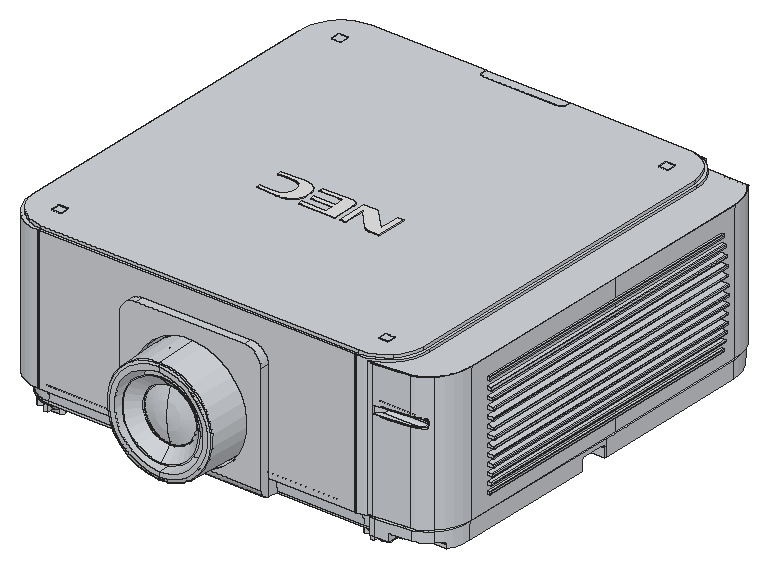
Revit family "PX602UL", category Generic Models, Revit 2012 (continued)
Forms (in)
  Extrusion 32, void
    sketch origin (0, 0, 0) x (0, 1, 0) y (0, 0, 1)
      loop
        arc (15.04456, 5.4467) -> (15.06038, 5.45325) -> (15.06693, 5.46907) r 0.02237
        line (15.06693, 5.46907) -> (15.06693, 5.57034)
      loop
        arc (13.88583, 5.57092) -> (13.87954, 5.58609) -> (13.86438, 5.59237) r 0.02145
        line (13.86438, 5.59237) -> (12.80478, 5.59237)
        arc (12.80478, 5.59237) -> (12.78971, 5.58613) -> (12.78346, 5.57105) r 0.02131
        line (12.78346, 5.57105) -> (12.78346, 5.46722)
        arc (12.78346, 5.46722) -> (12.78947, 5.45271) -> (12.80398, 5.4467) r 0.02052
        line (12.80398, 5.4467) -> (13.86296, 5.4467)
        arc (13.86296, 5.4467) -> (13.87913, 5.4534) -> (13.88583, 5.46956) r 0.02286
        line (13.88583, 5.46956) -> (13.88583, 5.57092)
      loop
        arc (12.70472, 5.57093) -> (12.69844, 5.58609) -> (12.68328, 5.59237) r 0.02144
        line (12.68328, 5.59237) -> (11.58151, 5.59237)
        arc (11.58151, 5.59237) -> (11.56548, 5.58573) -> (11.55884, 5.5697) r 0.02267
        line (11.55884, 5.5697) -> (11.55884, 5.46575)
        arc (11.55884, 5.46575) -> (11.56604, 5.44843) -> (11.5834, 5.44131) r 0.02444
        line (11.5834, 5.44131) -> (12.68301, 5.44669)
        arc (12.68301, 5.44669) -> (12.69837, 5.45312) -> (12.70472, 5.4685) r 0.02182
        line (12.70472, 5.4685) -> (12.70472, 5.57093)
      loop
        line (11.48841, 5.47204) -> (11.48841, 5.57526)
        arc (11.48841, 5.57526) -> (11.48187, 5.59103) -> (11.46609, 5.59756) r 0.02231
        line (11.46609, 5.59756) -> (10.41449, 5.59743)
        arc (10.41449, 5.59743) -> (10.39144, 5.58788) -> (10.38189, 5.56482) r 0.03261
        line (10.38189, 5.56482) -> (10.38189, 5.46919)
        arc (10.38189, 5.46919) -> (10.38848, 5.45329) -> (10.40438, 5.4467) r 0.02249
        line (10.40438, 5.4467) -> (11.46307, 5.4467)
        arc (11.46307, 5.4467) -> (11.48098, 5.45412) -> (11.48841, 5.47204) r 0.02534
      loop
        arc (10.30315, 5.57105) -> (10.2969, 5.58612) -> (10.28183, 5.59237) r 0.02132
        line (10.28183, 5.59237) -> (9.22339, 5.59237)
        arc (9.22339, 5.59237) -> (9.20741, 5.58575) -> (9.20079, 5.56976) r 0.0226
        line (9.20079, 5.56976) -> (9.20079, 5.46816)
        arc (9.20079, 5.46816) -> (9.20707, 5.45299) -> (9.22225, 5.4467) r 0.02146
        line (9.22225, 5.4467) -> (10.28178, 5.4467)
        arc (10.28178, 5.4467) -> (10.29689, 5.45296) -> (10.30315, 5.46807) r 0.02137
        line (10.30315, 5.46807) -> (10.30315, 5.57105)
      loop
        arc (9.12205, 5.57122) -> (9.11585, 5.58617) -> (9.1009, 5.59237) r 0.02115
        line (9.1009, 5.59237) -> (8.04105, 5.59237)
        arc (8.04105, 5.59237) -> (8.02594, 5.58611) -> (8.01969, 5.571) r 0.02137
        line (8.01969, 5.571) -> (8.01969, 5.4677)
        arc (8.01969, 5.4677) -> (8.02584, 5.45285) -> (8.04069, 5.4467) r 0.021
        line (8.04069, 5.4467) -> (9.09901, 5.4467)
        arc (9.09901, 5.4467) -> (9.1153, 5.45345) -> (9.12205, 5.46974) r 0.02304
        line (9.12205, 5.46974) -> (9.12205, 5.57122)
      loop
        arc (7.94094, 5.57114) -> (7.93473, 5.58615) -> (7.91971, 5.59237) r 0.02123
        line (7.91971, 5.59237) -> (6.81961, 5.59237)
        arc (6.81961, 5.59237) -> (6.80519, 5.58639) -> (6.79921, 5.57197) r 0.0204
        line (6.79921, 5.57197) -> (6.79921, 5.46914)
        arc (6.79921, 5.46914) -> (6.80578, 5.45327) -> (6.82165, 5.4467) r 0.02244
        line (6.82165, 5.4467) -> (7.92041, 5.4467)
        arc (7.92041, 5.4467) -> (7.93493, 5.45271) -> (7.94094, 5.46723) r 0.02053
        line (7.94094, 5.46723) -> (7.94094, 5.57114)
      loop
        line (16.24803, 5.69396) -> (16.24803, 5.78787)
        arc (16.24803, 5.78787) -> (16.24035, 5.80643) -> (16.22179, 5.81411) r 0.02624
        line (16.22179, 5.81411) -> (15.16716, 5.81411)
        arc (15.16716, 5.81411) -> (15.15196, 5.80782) -> (15.14567, 5.79262) r 0.02149
        line (15.14567, 5.79262) -> (15.14567, 5.69152)
        arc (15.14567, 5.69152) -> (15.15243, 5.6752) -> (15.16874, 5.66844) r 0.02307
        line (15.16874, 5.66844) -> (16.22251, 5.66844)
        arc (16.22251, 5.66844) -> (16.24056, 5.67592) -> (16.24803, 5.69396) r 0.02552
      loop
        arc (15.06693, 5.79208) -> (15.06048, 5.80766) -> (15.0449, 5.81411) r 0.02203
        line (15.0449, 5.81411) -> (13.98681, 5.81411)
        arc (13.98681, 5.81411) -> (13.97108, 5.8076) -> (13.96457, 5.79187) r 0.02225
        line (13.96457, 5.79187) -> (13.96457, 5.69005)
        arc (13.96457, 5.69005) -> (13.9709, 5.67477) -> (13.98618, 5.66844) r 0.02161
        line (13.98618, 5.66844) -> (15.04456, 5.66844)
        arc (15.04456, 5.66844) -> (15.06038, 5.67499) -> (15.06693, 5.69081) r 0.02237
        line (15.06693, 5.69081) -> (15.06693, 5.79208)
      loop
        arc (13.88583, 5.79266) -> (13.87954, 5.80783) -> (13.86438, 5.81411) r 0.02145
        line (13.86438, 5.81411) -> (12.80478, 5.81411)
        arc (12.80478, 5.81411) -> (12.78971, 5.80787) -> (12.78346, 5.7928) r 0.02131
        line (12.78346, 5.7928) -> (12.78346, 5.68896)
        arc (12.78346, 5.68896) -> (12.78947, 5.67445) -> (12.80398, 5.66844) r 0.02052
        line (12.80398, 5.66844) -> (13.86296, 5.66844)
        arc (13.86296, 5.66844) -> (13.87913, 5.67514) -> (13.88583, 5.69131) r 0.02286
        line (13.88583, 5.69131) -> (13.88583, 5.79266)
      loop
        arc (12.70472, 5.79267) -> (12.69844, 5.80783) -> (12.68328, 5.81411) r 0.02144
        line (12.68328, 5.81411) -> (11.58151, 5.81411)
        arc (11.58151, 5.81411) -> (11.56548, 5.80747) -> (11.55884, 5.79144) r 0.02267
        line (11.55884, 5.79144) -> (11.55884, 5.68749)
        arc (11.55884, 5.68749) -> (11.56604, 5.67017) -> (11.5834, 5.66305) r 0.02444
        line (11.5834, 5.66305) -> (12.68301, 5.66843)
        arc (12.68301, 5.66843) -> (12.69837, 5.67486) -> (12.70472, 5.69025) r 0.02182
        line (12.70472, 5.69025) -> (12.70472, 5.79267)
      loop
        line (11.48841, 5.69378) -> (11.48841, 5.797)
        arc (11.48841, 5.797) -> (11.48187, 5.81277) -> (11.46609, 5.81931) r 0.02231
        line (11.46609, 5.81931) -> (10.41449, 5.81917)
        arc (10.41449, 5.81917) -> (10.39144, 5.80962) -> (10.38189, 5.78657) r 0.03261
        line (10.38189, 5.78657) -> (10.38189, 5.69093)
        arc (10.38189, 5.69093) -> (10.38848, 5.67503) -> (10.40438, 5.66844) r 0.02249
        line (10.40438, 5.66844) -> (11.46307, 5.66844)
        arc (11.46307, 5.66844) -> (11.48098, 5.67586) -> (11.48841, 5.69378) r 0.02534
      loop
        arc (10.30315, 5.79279) -> (10.2969, 5.80787) -> (10.28183, 5.81411) r 0.02132
        line (10.28183, 5.81411) -> (9.22339, 5.81411)
        arc (9.22339, 5.81411) -> (9.20741, 5.80749) -> (9.20079, 5.79151) r 0.0226
        line (9.20079, 5.79151) -> (9.20079, 5.68991)
        arc (9.20079, 5.68991) -> (9.20707, 5.67473) -> (9.22225, 5.66844) r 0.02146
        line (9.22225, 5.66844) -> (10.28178, 5.66844)
        arc (10.28178, 5.66844) -> (10.29689, 5.6747) -> (10.30315, 5.68981) r 0.02137
        line (10.30315, 5.68981) -> (10.30315, 5.79279)
      loop
        arc (9.12205, 5.79296) -> (9.11585, 5.80792) -> (9.1009, 5.81411) r 0.02115
        line (9.1009, 5.81411) -> (8.04105, 5.81411)
        arc (8.04105, 5.81411) -> (8.02594, 5.80785) -> (8.01969, 5.79274) r 0.02137
        line (8.01969, 5.79274) -> (8.01969, 5.68945)
        arc (8.01969, 5.68945) -> (8.02584, 5.67459) -> (8.04069, 5.66844) r 0.021
        line (8.04069, 5.66844) -> (9.09901, 5.66844)
        arc (9.09901, 5.66844) -> (9.1153, 5.67519) -> (9.12205, 5.69148) r 0.02304
        line (9.12205, 5.69148) -> (9.12205, 5.79296)
      loop
        arc (7.94094, 5.79288) -> (7.93473, 5.80789) -> (7.91971, 5.81411) r 0.02123
        line (7.91971, 5.81411) -> (6.81961, 5.81411)
        arc (6.81961, 5.81411) -> (6.80519, 5.80814) -> (6.79921, 5.79372) r 0.0204
        line (6.79921, 5.79372) -> (6.79921, 5.69088)
        arc (6.79921, 5.69088) -> (6.80578, 5.67501) -> (6.82165, 5.66844) r 0.02244
        line (6.82165, 5.66844) -> (7.92041, 5.66844)
        arc (7.92041, 5.66844) -> (7.93493, 5.67446) -> (7.94094, 5.68897) r 0.02053
        line (7.94094, 5.68897) -> (7.94094, 5.79288)
      loop
        line (16.24803, 5.92177) -> (16.24803, 6.01568)
        arc (16.24803, 6.01568) -> (16.24035, 6.03423) -> (16.22179, 6.04192) r 0.02624
        line (16.22179, 6.04192) -> (15.16716, 6.04192)
        arc (15.16716, 6.04192) -> (15.15196, 6.03562) -> (15.14567, 6.02043) r 0.02149
        line (15.14567, 6.02043) -> (15.14567, 5.91932)
        arc (15.14567, 5.91932) -> (15.15243, 5.90301) -> (15.16874, 5.89625) r 0.02307
        line (15.16874, 5.89625) -> (16.22251, 5.89625)
        arc (16.22251, 5.89625) -> (16.24056, 5.90372) -> (16.24803, 5.92177) r 0.02552
      loop
        arc (15.06693, 6.01989) -> (15.06048, 6.03547) -> (15.0449, 6.04192) r 0.02203
        line (15.0449, 6.04192) -> (13.98681, 6.04192)
        arc (13.98681, 6.04192) -> (13.97108, 6.0354) -> (13.96457, 6.01967) r 0.02225
        line (13.96457, 6.01967) -> (13.96457, 5.91786)
        arc (13.96457, 5.91786) -> (13.9709, 5.90258) -> (13.98618, 5.89625) r 0.02161
        line (13.98618, 5.89625) -> (15.04456, 5.89625)
        arc (15.04456, 5.89625) -> (15.06038, 5.9028) -> (15.06693, 5.91862) r 0.02237
        line (15.06693, 5.91862) -> (15.06693, 6.01989)
      loop
        arc (13.88583, 6.02047) -> (13.87954, 6.03564) -> (13.86438, 6.04192) r 0.02145
        line (13.86438, 6.04192) -> (12.80478, 6.04192)
        arc (12.80478, 6.04192) -> (12.78971, 6.03568) -> (12.78346, 6.0206) r 0.02131
        line (12.78346, 6.0206) -> (12.78346, 5.91677)
        arc (12.78346, 5.91677) -> (12.78947, 5.90226) -> (12.80398, 5.89625) r 0.02052
        line (12.80398, 5.89625) -> (13.86296, 5.89625)
        arc (13.86296, 5.89625) -> (13.87913, 5.90295) -> (13.88583, 5.91911) r 0.02286
        line (13.88583, 5.91911) -> (13.88583, 6.02047)
      loop
        arc (12.70472, 6.02048) -> (12.69844, 6.03564) -> (12.68328, 6.04192) r 0.02144
        line (12.68328, 6.04192) -> (11.58151, 6.04192)
        arc (11.58151, 6.04192) -> (11.56548, 6.03528) -> (11.55884, 6.01925) r 0.02267
        line (11.55884, 6.01925) -> (11.55884, 5.9153)
        arc (11.55884, 5.9153) -> (11.56604, 5.89798) -> (11.5834, 5.89086) r 0.02444
        line (11.5834, 5.89086) -> (12.68301, 5.89624)
        arc (12.68301, 5.89624) -> (12.69837, 5.90267) -> (12.70472, 5.91806) r 0.02182
        line (12.70472, 5.91806) -> (12.70472, 6.02048)
      loop
        line (11.48841, 5.92159) -> (11.48841, 6.02481)
        arc (11.48841, 6.02481) -> (11.48187, 6.04058) -> (11.46609, 6.04712) r 0.02231
        line (11.46609, 6.04712) -> (10.41449, 6.04698)
        arc (10.41449, 6.04698) -> (10.39144, 6.03743) -> (10.38189, 6.01438) r 0.03261
        line (10.38189, 6.01438) -> (10.38189, 5.91874)
        arc (10.38189, 5.91874) -> (10.38848, 5.90284) -> (10.40438, 5.89625) r 0.02249
        line (10.40438, 5.89625) -> (11.46307, 5.89625)
        arc (11.46307, 5.89625) -> (11.48098, 5.90367) -> (11.48841, 5.92159) r 0.02534
      loop
        arc (10.30315, 6.0206) -> (10.2969, 6.03567) -> (10.28183, 6.04192) r 0.02132
        line (10.28183, 6.04192) -> (9.22339, 6.04192)
        arc (9.22339, 6.04192) -> (9.20741, 6.0353) -> (9.20079, 6.01932) r 0.0226
        line (9.20079, 6.01932) -> (9.20079, 5.91771)
        arc (9.20079, 5.91771) -> (9.20707, 5.90254) -> (9.22225, 5.89625) r 0.02146
        line (9.22225, 5.89625) -> (10.28178, 5.89625)
        arc (10.28178, 5.89625) -> (10.29689, 5.90251) -> (10.30315, 5.91762) r 0.02137
        line (10.30315, 5.91762) -> (10.30315, 6.0206)
      loop
        arc (9.12205, 6.02077) -> (9.11585, 6.03572) -> (9.1009, 6.04192) r 0.02115
        line (9.1009, 6.04192) -> (8.04105, 6.04192)
        arc (8.04105, 6.04192) -> (8.02594, 6.03566) -> (8.01969, 6.02055) r 0.02137
        line (8.01969, 6.02055) -> (8.01969, 5.91725)
        arc (8.01969, 5.91725) -> (8.02584, 5.9024) -> (8.04069, 5.89625) r 0.021
        line (8.04069, 5.89625) -> (9.09901, 5.89625)
        arc (9.09901, 5.89625) -> (9.1153, 5.903) -> (9.12205, 5.91929) r 0.02304
        line (9.12205, 5.91929) -> (9.12205, 6.02077)
      loop
        arc (7.94094, 6.02069) -> (7.93473, 6.0357) -> (7.91971, 6.04192) r 0.02123
        line (7.91971, 6.04192) -> (6.81961, 6.04192)
        arc (6.81961, 6.04192) -> (6.80519, 6.03595) -> (6.79921, 6.02152) r 0.0204
        line (6.79921, 6.02152) -> (6.79921, 5.91869)
        arc (6.79921, 5.91869) -> (6.80578, 5.90282) -> (6.82165, 5.89625) r 0.02244
        line (6.82165, 5.89625) -> (7.92041, 5.89625)
        arc (7.92041, 5.89625) -> (7.93493, 5.90226) -> (7.94094, 5.91678) r 0.02053
        line (7.94094, 5.91678) -> (7.94094, 6.02069)
      loop
        line (16.24803, 6.14122) -> (16.24803, 6.23513)
        arc (16.24803, 6.23513) -> (16.24035, 6.25368) -> (16.22179, 6.26137) r 0.02624
        line (16.22179, 6.26137) -> (15.16716, 6.26137)
        arc (15.16716, 6.26137) -> (15.15196, 6.25507) -> (15.14567, 6.23988) r 0.02149
        line (15.14567, 6.23988) -> (15.14567, 6.13877)
        arc (15.14567, 6.13877) -> (15.15243, 6.12246) -> (15.16874, 6.1157) r 0.02307
        line (15.16874, 6.1157) -> (16.22251, 6.1157)
        arc (16.22251, 6.1157) -> (16.24056, 6.12317) -> (16.24803, 6.14122) r 0.02552
      loop
        arc (15.06693, 6.23934) -> (15.06048, 6.25492) -> (15.0449, 6.26137) r 0.02203
        line (15.0449, 6.26137) -> (13.98681, 6.26137)
        arc (13.98681, 6.26137) -> (13.97108, 6.25485) -> (13.96457, 6.23912) r 0.02225
        line (13.96457, 6.23912) -> (13.96457, 6.13731)
        arc (13.96457, 6.13731) -> (13.9709, 6.12203) -> (13.98618, 6.1157) r 0.02161
        line (13.98618, 6.1157) -> (15.04456, 6.1157)
        arc (15.04456, 6.1157) -> (15.06038, 6.12225) -> (15.06693, 6.13807) r 0.02237
        line (15.06693, 6.13807) -> (15.06693, 6.23934)
      loop
        arc (13.88583, 6.23992) -> (13.87954, 6.25509) -> (13.86438, 6.26137) r 0.02145
        line (13.86438, 6.26137) -> (12.80478, 6.26137)
        arc (12.80478, 6.26137) -> (12.78971, 6.25513) -> (12.78346, 6.24006) r 0.02131
        line (12.78346, 6.24006) -> (12.78346, 6.13622)
        arc (12.78346, 6.13622) -> (12.78947, 6.12171) -> (12.80398, 6.1157) r 0.02052
        line (12.80398, 6.1157) -> (13.86296, 6.1157)
        arc (13.86296, 6.1157) -> (13.87913, 6.1224) -> (13.88583, 6.13856) r 0.02286
        line (13.88583, 6.13856) -> (13.88583, 6.23992)
      loop
        arc (12.70472, 6.23993) -> (12.69844, 6.25509) -> (12.68328, 6.26137) r 0.02144
        line (12.68328, 6.26137) -> (11.58151, 6.26137)
        arc (11.58151, 6.26137) -> (11.56548, 6.25473) -> (11.55884, 6.2387) r 0.02267
        line (11.55884, 6.2387) -> (11.55884, 6.13475)
        arc (11.55884, 6.13475) -> (11.56604, 6.11743) -> (11.5834, 6.11031) r 0.02444
        line (11.5834, 6.11031) -> (12.68301, 6.11569)
        arc (12.68301, 6.11569) -> (12.69837, 6.12212) -> (12.70472, 6.13751) r 0.02182
        line (12.70472, 6.13751) -> (12.70472, 6.23993)
      loop
        line (11.48841, 6.14104) -> (11.48841, 6.24426)
        arc (11.48841, 6.24426) -> (11.48187, 6.26003) -> (11.46609, 6.26657) r 0.02231
        line (11.46609, 6.26657) -> (10.41449, 6.26643)
        arc (10.41449, 6.26643) -> (10.39144, 6.25688) -> (10.38189, 6.23383) r 0.03261
        line (10.38189, 6.23383) -> (10.38189, 6.13819)
        arc (10.38189, 6.13819) -> (10.38848, 6.12229) -> (10.40438, 6.1157) r 0.02249
        line (10.40438, 6.1157) -> (11.46307, 6.1157)
        arc (11.46307, 6.1157) -> (11.48098, 6.12312) -> (11.48841, 6.14104) r 0.02534
      loop
        arc (10.30315, 6.24005) -> (10.2969, 6.25512) -> (10.28183, 6.26137) r 0.02132
        line (10.28183, 6.26137) -> (9.22339, 6.26137)
        arc (9.22339, 6.26137) -> (9.20741, 6.25475) -> (9.20079, 6.23877) r 0.0226
        line (9.20079, 6.23877) -> (9.20079, 6.13716)
        arc (9.20079, 6.13716) -> (9.20707, 6.12199) -> (9.22225, 6.1157) r 0.02146
        line (9.22225, 6.1157) -> (10.28178, 6.1157)
        arc (10.28178, 6.1157) -> (10.29689, 6.12196) -> (10.30315, 6.13707) r 0.02137
        line (10.30315, 6.13707) -> (10.30315, 6.24005)
      loop
        arc (9.12205, 6.24022) -> (9.11585, 6.25517) -> (9.1009, 6.26137) r 0.02115
        line (9.1009, 6.26137) -> (8.04105, 6.26137)
        arc (8.04105, 6.26137) -> (8.02594, 6.25511) -> (8.01969, 6.24) r 0.02137
        line (8.01969, 6.24) -> (8.01969, 6.1367)
        arc (8.01969, 6.1367) -> (8.02584, 6.12185) -> (8.04069, 6.1157) r 0.021
        line (8.04069, 6.1157) -> (9.09901, 6.1157)
        arc (9.09901, 6.1157) -> (9.1153, 6.12245) -> (9.12205, 6.13874) r 0.02304
        line (9.12205, 6.13874) -> (9.12205, 6.24022)
      loop
        arc (7.94094, 6.24014) -> (7.93473, 6.25515) -> (7.91971, 6.26137) r 0.02123
        line (7.91971, 6.26137) -> (6.81961, 6.26137)
        arc (6.81961, 6.26137) -> (6.80519, 6.2554) -> (6.79921, 6.24097) r 0.0204
        line (6.79921, 6.24097) -> (6.79921, 6.13814)
        arc (6.79921, 6.13814) -> (6.80578, 6.12227) -> (6.82165, 6.1157) r 0.02244
        line (6.82165, 6.1157) -> (7.92041, 6.1157)
        arc (7.92041, 6.1157) -> (7.93493, 6.12171) -> (7.94094, 6.13623) r 0.02053
        line (7.94094, 6.13623) -> (7.94094, 6.24014)
      loop
        line (16.24803, 6.36504) -> (16.24803, 6.45895)
        arc (16.24803, 6.45895) -> (16.24035, 6.4775) -> (16.22179, 6.48519) r 0.02624
        line (16.22179, 6.48519) -> (15.16716, 6.48519)
        arc (15.16716, 6.48519) -> (15.15196, 6.4789) -> (15.14567, 6.4637) r 0.02149
        line (15.14567, 6.4637) -> (15.14567, 6.3626)
        arc (15.14567, 6.3626) -> (15.15243, 6.34628) -> (15.16874, 6.33952) r 0.02307
        line (15.16874, 6.33952) -> (16.22251, 6.33952)
        arc (16.22251, 6.33952) -> (16.24056, 6.347) -> (16.24803, 6.36504) r 0.02552
      loop
        arc (15.06693, 6.46316) -> (15.06048, 6.47874) -> (15.0449, 6.48519) r 0.02203
        line (15.0449, 6.48519) -> (13.98681, 6.48519)
        arc (13.98681, 6.48519) -> (13.97108, 6.47867) -> (13.96457, 6.46294) r 0.02225
        line (13.96457, 6.46294) -> (13.96457, 6.36113)
        arc (13.96457, 6.36113) -> (13.9709, 6.34585) -> (13.98618, 6.33952) r 0.02161
        line (13.98618, 6.33952) -> (15.04456, 6.33952)
        arc (15.04456, 6.33952) -> (15.06038, 6.34607) -> (15.06693, 6.36189) r 0.02237
        line (15.06693, 6.36189) -> (15.06693, 6.46316)
      loop
        arc (13.88583, 6.46374) -> (13.87954, 6.47891) -> (13.86438, 6.48519) r 0.02145
        line (13.86438, 6.48519) -> (12.80478, 6.48519)
        arc (12.80478, 6.48519) -> (12.78971, 6.47895) -> (12.78346, 6.46388) r 0.02131
        line (12.78346, 6.46388) -> (12.78346, 6.36004)
        arc (12.78346, 6.36004) -> (12.78947, 6.34553) -> (12.80398, 6.33952) r 0.02052
        line (12.80398, 6.33952) -> (13.86296, 6.33952)
        arc (13.86296, 6.33952) -> (13.87913, 6.34622) -> (13.88583, 6.36238) r 0.02286
        line (13.88583, 6.36238) -> (13.88583, 6.46374)
      loop
        arc (12.70472, 6.46375) -> (12.69844, 6.47891) -> (12.68328, 6.48519) r 0.02144
        line (12.68328, 6.48519) -> (11.58151, 6.48519)
        arc (11.58151, 6.48519) -> (11.56548, 6.47855) -> (11.55884, 6.46252) r 0.02267
        line (11.55884, 6.46252) -> (11.55884, 6.35857)
        arc (11.55884, 6.35857) -> (11.56604, 6.34125) -> (11.5834, 6.33413) r 0.02444
        line (11.5834, 6.33413) -> (12.68301, 6.33951)
        arc (12.68301, 6.33951) -> (12.69837, 6.34594) -> (12.70472, 6.36133) r 0.02182
        line (12.70472, 6.36133) -> (12.70472, 6.46375)
      loop
        line (11.48841, 6.36486) -> (11.48841, 6.46808)
        arc (11.48841, 6.46808) -> (11.48187, 6.48385) -> (11.46609, 6.49039) r 0.02231
        line (11.46609, 6.49039) -> (10.41449, 6.49025)
        arc (10.41449, 6.49025) -> (10.39144, 6.4807) -> (10.38189, 6.45765) r 0.03261
        line (10.38189, 6.45765) -> (10.38189, 6.36201)
        arc (10.38189, 6.36201) -> (10.38848, 6.34611) -> (10.40438, 6.33952) r 0.02249
        line (10.40438, 6.33952) -> (11.46307, 6.33952)
        arc (11.46307, 6.33952) -> (11.48098, 6.34694) -> (11.48841, 6.36486) r 0.02534
      loop
        arc (10.30315, 6.46387) -> (10.2969, 6.47895) -> (10.28183, 6.48519) r 0.02132
        line (10.28183, 6.48519) -> (9.22339, 6.48519)
        arc (9.22339, 6.48519) -> (9.20741, 6.47857) -> (9.20079, 6.46259) r 0.0226
        line (9.20079, 6.46259) -> (9.20079, 6.36098)
        arc (9.20079, 6.36098) -> (9.20707, 6.34581) -> (9.22225, 6.33952) r 0.02146
        line (9.22225, 6.33952) -> (10.28178, 6.33952)
        arc (10.28178, 6.33952) -> (10.29689, 6.34578) -> (10.30315, 6.36089) r 0.02137
        line (10.30315, 6.36089) -> (10.30315, 6.46387)
      loop
        arc (9.12205, 6.46404) -> (9.11585, 6.479) -> (9.1009, 6.48519) r 0.02115
        line (9.1009, 6.48519) -> (8.04105, 6.48519)
        arc (8.04105, 6.48519) -> (8.02594, 6.47893) -> (8.01969, 6.46382) r 0.02137
        line (8.01969, 6.46382) -> (8.01969, 6.36052)
        arc (8.01969, 6.36052) -> (8.02584, 6.34567) -> (8.04069, 6.33952) r 0.021
        line (8.04069, 6.33952) -> (9.09901, 6.33952)
        arc (9.09901, 6.33952) -> (9.1153, 6.34627) -> (9.12205, 6.36256) r 0.02304
        line (9.12205, 6.36256) -> (9.12205, 6.46404)
      loop
        arc (7.94094, 6.46396) -> (7.93473, 6.47897) -> (7.91971, 6.48519) r 0.02123
        line (7.91971, 6.48519) -> (6.81961, 6.48519)
        arc (6.81961, 6.48519) -> (6.80519, 6.47922) -> (6.79921, 6.46479) r 0.0204
        line (6.79921, 6.46479) -> (6.79921, 6.36196)
        arc (6.79921, 6.36196) -> (6.80578, 6.34609) -> (6.82165, 6.33952) r 0.02244
        line (6.82165, 6.33952) -> (7.92041, 6.33952)
        arc (7.92041, 6.33952) -> (7.93493, 6.34553) -> (7.94094, 6.36005) r 0.02053
        line (7.94094, 6.36005) -> (7.94094, 6.46396)
      loop
        line (3.12887, 3.67566) -> (5.67653, 3.67551)
        arc (5.67653, 3.67551) -> (5.84088, 3.74614) -> (5.90861, 3.91171) r 0.23622
        line (5.90861, 3.91171) -> (5.90834, 7.6092)
        arc (5.90834, 7.6092) -> (5.83915, 7.77621) -> (5.67214, 7.84544) r 0.23622
        line (5.67214, 7.84544) -> (3.13279, 7.84555)
        arc (3.13279, 7.84555) -> (2.96574, 7.77636) -> (2.89656, 7.60931) r 0.23622
        line (2.89656, 7.60931) -> (2.89682, 3.91183)
        arc (2.89682, 3.91183) -> (2.96455, 3.74629) -> (3.12887, 3.67566) r 0.23622
      loop
        line (6.54936, 7.55291) -> (6.54936, 6.64795)
        arc (6.54936, 6.64795) -> (6.56152, 6.6186) -> (6.59087, 6.60645) r 0.04151
        line (6.59087, 6.60645) -> (7.50122, 6.60645)
        arc (7.50122, 6.60645) -> (7.53227, 6.61931) -> (7.54513, 6.65035) r 0.0439
        line (7.54513, 6.65035) -> (7.54513, 7.54024)
        arc (7.54513, 7.54024) -> (7.52697, 7.58406) -> (7.48315, 7.60221) r 0.06198
        line (7.48315, 7.60221) -> (6.59866, 7.60221)
        arc (6.59866, 7.60221) -> (6.5638, 7.58777) -> (6.54936, 7.55291) r 0.0493
      loop
        line (2.03937, 1.73228) -> (2.03937, 8.52858) -> (2, 8.52858) -> (2, 1.73228) -> (2.03937, 1.73228)
    from -9.53543 to -9.37587
  Extrusion 33, solid
    sketch origin (0, 0, 0) x (0, 1, 0) y (0, 0, 1)
      loop
        line (7.53513, 6.64192) -> (7.53513, 6.90748) -> (7.48827, 6.90748)
        arc (7.48827, 6.90748) -> (7.47429, 6.91327) -> (7.4685, 6.92725) r 0.01977
        line (7.4685, 6.92725) -> (7.4685, 7.27994)
        arc (7.4685, 7.27994) -> (7.47473, 7.29496) -> (7.48975, 7.30118) r 0.02124
        line (7.48975, 7.30118) -> (7.53513, 7.30118) -> (7.53513, 7.59221) -> (6.59528, 7.59221)
        arc (6.59528, 7.59221) -> (6.56988, 7.58169) -> (6.55936, 7.5563) r 0.03592
        line (6.55936, 7.5563) -> (6.55936, 6.64632)
        arc (6.55936, 6.64632) -> (6.56811, 6.6252) -> (6.58923, 6.61645) r 0.02987
        line (6.58923, 6.61645) -> (7.50966, 6.61645)
        arc (7.50966, 6.61645) -> (7.52767, 6.62391) -> (7.53513, 6.64192) r 0.02547
    from -9.53543 to -9.47904
  Extrusion 34, solid
    sketch origin (0, 0, 0) x (0, 1, 0) y (0, 0, 1)
      loop
        circle (5.20884, 4.28535) r 0.19644
      loop
        circle (4.08476, 4.28527) r 0.19644
      loop
        circle (3.57701, 4.28527) r 0.19644
      loop
        circle (3.57701, 4.82858) r 0.19644
      loop
        circle (4.08476, 4.82858) r 0.19644
      loop
        circle (4.73246, 4.82866) r 0.19644
      loop
        circle (5.20884, 4.82866) r 0.19644
      loop
        circle (5.22844, 6.01254) r 0.19644
      loop
        circle (4.98663, 6.59634) r 0.19644
      loop
        circle (4.40283, 6.83824) r 0.19117
      loop
        circle (3.81903, 6.59634) r 0.19644
      loop
        circle (3.53998, 7.18254) r 0.23581
      loop
        circle (3.57701, 6.01254) r 0.19644
      loop
        circle (4.40271, 6.01254) r 0.54093
      loop
        line (5.67214, 7.84544) -> (3.13279, 7.84559)
        arc (3.13279, 7.84559) -> (2.96574, 7.77636) -> (2.89656, 7.60931) r 0.23622
        line (2.89656, 7.60931) -> (2.89682, 3.91183)
        arc (2.89682, 3.91183) -> (2.96455, 3.74629) -> (3.12887, 3.67566) r 0.23622
        line (3.12887, 3.67566) -> (5.67653, 3.67551)
        arc (5.67653, 3.67551) -> (5.84088, 3.74614) -> (5.90861, 3.91171) r 0.23622
        line (5.90861, 3.91171) -> (5.90834, 7.6092)
        arc (5.90834, 7.6092) -> (5.83915, 7.77621) -> (5.67214, 7.84544) r 0.23622
    from -9.46831 to -9.41732
  Extrusion 35, solid
    sketch origin (0, 0, 0) x (0, 1, 0) y (0, 0, 1)
      loop
        circle (4.98663, 6.59634) r 0.17874
      loop
        circle (4.40283, 6.83824) r 0.17874
      loop
        circle (5.22844, 6.01254) r 0.17874
      loop
        circle (3.8188, 6.59634) r 0.17874
      loop
        circle (3.57701, 6.01254) r 0.17874
      loop
        circle (4.40271, 6.01254) r 0.51484
      loop
        circle (4.40272, 6.01254) r 0.22351
      loop
        circle (4.40272, 6.01254) r 0.19843
      loop
        circle (5.20884, 4.82866) r 0.17874
      loop
        circle (4.73246, 4.82866) r 0.17874
      loop
        circle (5.20884, 4.28535) r 0.17874
      loop
        circle (4.08476, 4.82858) r 0.17874
      loop
        circle (3.57701, 4.82858) r 0.17874
      loop
        circle (4.08476, 4.28527) r 0.17874
      loop
        circle (3.57701, 4.28527) r 0.17874
      loop
        circle (3.53998, 7.18254) r 0.21811
    from -9.48855 to -9.41732
  Extrusion 36, void
    sketch origin (0, 0, 0) x (1, 0, 0) y (0, 0, 1)
      loop
        line (7.65378, 1.73228) -> (7.65378, 8.52858) -> (7.61378, 8.52858) -> (7.61378, 1.73228) -> (7.65378, 1.73228)
      loop
        line (-7.61335, 1.73228) -> (-7.61335, 8.52858) -> (-7.65335, 8.52858) -> (-7.65335, 1.73228) -> (-7.61335, 1.73228)
    from -0.22698 to 0.06154
  Revolve 37, solid
    sketch origin (0, 1.56692, 0) x (1, 0, 0) y (0, 0, 1)
      loop
        arc (7.41361, 0.15748) -> (7.62241, 0.04053) -> (7.85827, 0) r 0.70649
        line (7.85827, 0) -> (7.85827, 0.86557) -> (7.36614, 0.86557) -> (7.36614, 0.33465) -> (7.41361, 0.15748)
      axis (7.85827, 0) -> (7.85827, 0.86557)
    angle from 0 to 360
  Revolve 38, solid
    sketch origin (-15.71716, 1.56692, 0) x (1, 0, 0) y (0, 0, 1)
      loop
        arc (7.41361, 0.15748) -> (7.62241, 0.04053) -> (7.85827, 0) r 0.70649
        line (7.85827, 0) -> (7.85827, 0.86557) -> (7.36614, 0.86557) -> (7.36614, 0.33465) -> (7.41361, 0.15748)
      axis (7.85827, 0) -> (7.85827, 0.86557)
    angle from 0 to 360
  Revolve 39, solid
    sketch origin (-7.85827, 18.38582, 0) x (1, 0, 0) y (0, 0, 1)
      loop
        arc (7.41361, 0.15748) -> (7.62241, 0.04053) -> (7.85827, 0) r 0.70649
        line (7.85827, 0) -> (7.85827, 0.86557) -> (7.36614, 0.86557) -> (7.36614, 0.33465) -> (7.41361, 0.15748)
      axis (7.85827, 0) -> (7.85827, 0.86557)
    angle from 0 to 360
  Revolve 40, solid
    sketch origin (0, 1.56692, 0) x (1, 0, 0) y (0, 0, 1)
      loop
        arc (7.04061, 0.72835) -> (7.01452, 0.71091) -> (7.02065, 0.68014) r 0.02824
        line (7.02065, 0.68014) -> (7.36614, 0.33465) -> (7.85827, 0.33465) -> (7.85827, 0.72835) -> (7.04061, 0.72835)
      axis (7.85827, 0.72835) -> (7.85827, 0.33465)
    angle from 0 to 360
  Revolve 41, solid
    sketch origin (-15.71716, 1.56692, 0) x (1, 0, 0) y (0, 0, 1)
      loop
        arc (7.04061, 0.72835) -> (7.01452, 0.71091) -> (7.02065, 0.68014) r 0.02824
        line (7.02065, 0.68014) -> (7.36614, 0.33465) -> (7.85827, 0.33465) -> (7.85827, 0.72835) -> (7.04061, 0.72835)
      axis (7.85827, 0.72835) -> (7.85827, 0.33465)
    angle from 0 to 360
  Revolve 42, solid
    sketch origin (-7.85827, 18.38582, 0) x (1, 0, 0) y (0, 0, 1)
      loop
        arc (7.04061, 0.72835) -> (7.01452, 0.71091) -> (7.02065, 0.68014) r 0.02824
        line (7.02065, 0.68014) -> (7.36614, 0.33465) -> (7.85827, 0.33465) -> (7.85827, 0.72835) -> (7.04061, 0.72835)
      axis (7.85827, 0.72835) -> (7.85827, 0.33465)
    angle from 0 to 360
  Extrusion 43, solid
    sketch origin (0, 0, 0) x (1, 0, 0) y (0, 1, 0)
      loop
        arc (-7.42484, 1.66344) -> (-7.41424, 1.56497) -> (-7.4257, 1.46659) r 0.44465
        line (-7.4257, 1.46659) -> (-7.01932, 1.46659)
        arc (-7.01932, 1.46659) -> (-7.01243, 1.56495) -> (-7.01703, 1.66344) r 0.84603
        line (-7.01703, 1.66344) -> (-7.42484, 1.66344)
      loop
        line (-8.29294, 1.66344) -> (-8.70075, 1.66344)
        arc (-8.70075, 1.66344) -> (-8.70535, 1.56495) -> (-8.69846, 1.46659) r 0.84603
        line (-8.69846, 1.46659) -> (-8.29208, 1.46659)
        arc (-8.29208, 1.46659) -> (-8.30354, 1.56497) -> (-8.29294, 1.66344) r 0.44465
      loop
        line (-7.76976, 2.00836) -> (-7.76976, 2.41617)
        arc (-7.76976, 2.41617) -> (-7.86825, 2.42077) -> (-7.96661, 2.41388) r 0.84603
        line (-7.96661, 2.41388) -> (-7.96661, 2.00749)
        arc (-7.96661, 2.00749) -> (-7.86823, 2.01895) -> (-7.76976, 2.00836) r 0.44465
      loop
        arc (-7.76976, 1.14025) -> (-7.86823, 1.12965) -> (-7.96661, 1.14112) r 0.44465
        line (-7.96661, 1.14112) -> (-7.96661, 0.73473)
        arc (-7.96661, 0.73473) -> (-7.86825, 0.72784) -> (-7.76976, 0.73244) r 0.84603
        line (-7.76976, 0.73244) -> (-7.76976, 1.14025)
      loop
        arc (-8.11452, 1.19615) -> (-8.19054, 1.25963) -> (-8.25064, 1.33835) r 0.44465
        line (-8.25064, 1.33835) -> (-8.54297, 1.05606)
        arc (-8.54297, 1.05606) -> (-8.4796, 0.98052) -> (-8.40787, 0.91286) r 0.84603
        line (-8.40787, 0.91286) -> (-8.11452, 1.19615)
      loop
        line (-7.49005, 1.79919) -> (-7.1967, 2.08248)
        arc (-7.1967, 2.08248) -> (-7.26181, 2.15652) -> (-7.33509, 2.22249) r 0.84603
        line (-7.33509, 2.22249) -> (-7.62742, 1.94019)
        arc (-7.62742, 1.94019) -> (-7.55084, 1.87739) -> (-7.49005, 1.79919) r 0.44465
      loop
        line (-8.11452, 1.93769) -> (-8.40787, 2.22098)
        arc (-8.40787, 2.22098) -> (-8.4796, 2.15332) -> (-8.54297, 2.07778) r 0.84603
        line (-8.54297, 2.07778) -> (-8.25064, 1.79548)
        arc (-8.25064, 1.79548) -> (-8.19054, 1.87421) -> (-8.11452, 1.93769) r 0.44465
      loop
        arc (-7.49005, 1.33465) -> (-7.55084, 1.25645) -> (-7.62742, 1.19365) r 0.44465
        line (-7.62742, 1.19365) -> (-7.33509, 0.91135)
        arc (-7.33509, 0.91135) -> (-7.26181, 0.97731) -> (-7.1967, 1.05136) r 0.84603
        line (-7.1967, 1.05136) -> (-7.49005, 1.33465)
    from 0.33465 to 0.72835
  Extrusion 44, solid
    sketch origin (15.71716, 0, 0) x (1, 0, 0) y (0, 1, 0)
      loop
        arc (-7.42484, 1.66344) -> (-7.41424, 1.56497) -> (-7.4257, 1.46659) r 0.44465
        line (-7.4257, 1.46659) -> (-7.01932, 1.46659)
        arc (-7.01932, 1.46659) -> (-7.01243, 1.56495) -> (-7.01703, 1.66344) r 0.84603
        line (-7.01703, 1.66344) -> (-7.42484, 1.66344)
      loop
        line (-8.29294, 1.66344) -> (-8.70075, 1.66344)
        arc (-8.70075, 1.66344) -> (-8.70535, 1.56495) -> (-8.69846, 1.46659) r 0.84603
        line (-8.69846, 1.46659) -> (-8.29208, 1.46659)
        arc (-8.29208, 1.46659) -> (-8.30354, 1.56497) -> (-8.29294, 1.66344) r 0.44465
      loop
        line (-7.76976, 2.00836) -> (-7.76976, 2.41617)
        arc (-7.76976, 2.41617) -> (-7.86825, 2.42077) -> (-7.96661, 2.41388) r 0.84603
        line (-7.96661, 2.41388) -> (-7.96661, 2.00749)
        arc (-7.96661, 2.00749) -> (-7.86823, 2.01895) -> (-7.76976, 2.00836) r 0.44465
      loop
        arc (-7.76976, 1.14025) -> (-7.86823, 1.12965) -> (-7.96661, 1.14112) r 0.44465
        line (-7.96661, 1.14112) -> (-7.96661, 0.73473)
        arc (-7.96661, 0.73473) -> (-7.86825, 0.72784) -> (-7.76976, 0.73244) r 0.84603
        line (-7.76976, 0.73244) -> (-7.76976, 1.14025)
      loop
        arc (-8.11452, 1.19615) -> (-8.19054, 1.25963) -> (-8.25064, 1.33835) r 0.44465
        line (-8.25064, 1.33835) -> (-8.54297, 1.05606)
        arc (-8.54297, 1.05606) -> (-8.4796, 0.98052) -> (-8.40787, 0.91286) r 0.84603
        line (-8.40787, 0.91286) -> (-8.11452, 1.19615)
      loop
        line (-7.49005, 1.79919) -> (-7.1967, 2.08248)
        arc (-7.1967, 2.08248) -> (-7.26181, 2.15652) -> (-7.33509, 2.22249) r 0.84603
        line (-7.33509, 2.22249) -> (-7.62742, 1.94019)
        arc (-7.62742, 1.94019) -> (-7.55084, 1.87739) -> (-7.49005, 1.79919) r 0.44465
      loop
        line (-8.11452, 1.93769) -> (-8.40787, 2.22098)
        arc (-8.40787, 2.22098) -> (-8.4796, 2.15332) -> (-8.54297, 2.07778) r 0.84603
        line (-8.54297, 2.07778) -> (-8.25064, 1.79548)
        arc (-8.25064, 1.79548) -> (-8.19054, 1.87421) -> (-8.11452, 1.93769) r 0.44465
      loop
        arc (-7.49005, 1.33465) -> (-7.55084, 1.25645) -> (-7.62742, 1.19365) r 0.44465
        line (-7.62742, 1.19365) -> (-7.33509, 0.91135)
        arc (-7.33509, 0.91135) -> (-7.26181, 0.97731) -> (-7.1967, 1.05136) r 0.84603
        line (-7.1967, 1.05136) -> (-7.49005, 1.33465)
    from 0.33465 to 0.72835
  Extrusion 45, solid
    sketch origin (7.85889, 16.8189, 0) x (1, 0, 0) y (0, 1, 0)
      loop
        arc (-7.42484, 1.66344) -> (-7.41424, 1.56497) -> (-7.4257, 1.46659) r 0.44465
        line (-7.4257, 1.46659) -> (-7.01932, 1.46659)
        arc (-7.01932, 1.46659) -> (-7.01243, 1.56495) -> (-7.01703, 1.66344) r 0.84603
        line (-7.01703, 1.66344) -> (-7.42484, 1.66344)
      loop
        line (-8.29294, 1.66344) -> (-8.70075, 1.66344)
        arc (-8.70075, 1.66344) -> (-8.70535, 1.56495) -> (-8.69846, 1.46659) r 0.84603
        line (-8.69846, 1.46659) -> (-8.29208, 1.46659)
        arc (-8.29208, 1.46659) -> (-8.30354, 1.56497) -> (-8.29294, 1.66344) r 0.44465
      loop
        line (-7.76976, 2.00836) -> (-7.76976, 2.41617)
        arc (-7.76976, 2.41617) -> (-7.86825, 2.42077) -> (-7.96661, 2.41388) r 0.84603
        line (-7.96661, 2.41388) -> (-7.96661, 2.00749)
        arc (-7.96661, 2.00749) -> (-7.86823, 2.01895) -> (-7.76976, 2.00836) r 0.44465
      loop
        arc (-7.76976, 1.14025) -> (-7.86823, 1.12965) -> (-7.96661, 1.14112) r 0.44465
        line (-7.96661, 1.14112) -> (-7.96661, 0.73473)
        arc (-7.96661, 0.73473) -> (-7.86825, 0.72784) -> (-7.76976, 0.73244) r 0.84603
        line (-7.76976, 0.73244) -> (-7.76976, 1.14025)
      loop
        arc (-8.11452, 1.19615) -> (-8.19054, 1.25963) -> (-8.25064, 1.33835) r 0.44465
        line (-8.25064, 1.33835) -> (-8.54297, 1.05606)
        arc (-8.54297, 1.05606) -> (-8.4796, 0.98052) -> (-8.40787, 0.91286) r 0.84603
        line (-8.40787, 0.91286) -> (-8.11452, 1.19615)
      loop
        line (-7.49005, 1.79919) -> (-7.1967, 2.08248)
        arc (-7.1967, 2.08248) -> (-7.26181, 2.15652) -> (-7.33509, 2.22249) r 0.84603
        line (-7.33509, 2.22249) -> (-7.62742, 1.94019)
        arc (-7.62742, 1.94019) -> (-7.55084, 1.87739) -> (-7.49005, 1.79919) r 0.44465
      loop
        line (-8.11452, 1.93769) -> (-8.40787, 2.22098)
        arc (-8.40787, 2.22098) -> (-8.4796, 2.15332) -> (-8.54297, 2.07778) r 0.84603
        line (-8.54297, 2.07778) -> (-8.25064, 1.79548)
        arc (-8.25064, 1.79548) -> (-8.19054, 1.87421) -> (-8.11452, 1.93769) r 0.44465
      loop
        arc (-7.49005, 1.33465) -> (-7.55084, 1.25645) -> (-7.62742, 1.19365) r 0.44465
        line (-7.62742, 1.19365) -> (-7.33509, 0.91135)
        arc (-7.33509, 0.91135) -> (-7.26181, 0.97731) -> (-7.1967, 1.05136) r 0.84603
        line (-7.1967, 1.05136) -> (-7.49005, 1.33465)
    from 0.33465 to 0.72835
  Revolve 46, solid
    sketch origin (0, 3.71968, 0) x (1, 0, 0) y (0, 0, 1)
      loop
        line (-5.98016, 0.47244) -> (-5.98016, 0.86557) -> (-6.47384, 0.86557)
        arc (-6.47384, 0.86557) -> (-6.43258, 0.84763) -> (-6.40787, 0.81003) r 0.07874
        line (-6.40787, 0.81003) -> (-6.32274, 0.52626)
        arc (-6.32274, 0.52626) -> (-6.29549, 0.48737) -> (-6.25041, 0.47244) r 0.07552
        line (-6.25041, 0.47244) -> (-5.98016, 0.47244)
      axis (-5.91016, 0.86557) -> (-5.91016, 0.47244)
    angle from 0 to 360
  Revolve 47, solid
    sketch origin (0, 9.61738, 0) x (1, 0, 0) y (0, 0, 1)
      loop
        line (-5.98016, 0.47244) -> (-5.98016, 0.86557) -> (-6.47384, 0.86557)
        arc (-6.47384, 0.86557) -> (-6.43258, 0.84763) -> (-6.40787, 0.81003) r 0.07874
        line (-6.40787, 0.81003) -> (-6.32274, 0.52626)
        arc (-6.32274, 0.52626) -> (-6.29549, 0.48737) -> (-6.25041, 0.47244) r 0.07552
        line (-6.25041, 0.47244) -> (-5.98016, 0.47244)
      axis (-5.91016, 0.86557) -> (-5.91016, 0.47244)
    angle from 0 to 360
  Revolve 48, solid
    sketch origin (0, 15.52282, 0) x (1, 0, 0) y (0, 0, 1)
      loop
        line (-5.98016, 0.47244) -> (-5.98016, 0.86557) -> (-6.47384, 0.86557)
        arc (-6.47384, 0.86557) -> (-6.43258, 0.84763) -> (-6.40787, 0.81003) r 0.07874
        line (-6.40787, 0.81003) -> (-6.32274, 0.52626)
        arc (-6.32274, 0.52626) -> (-6.29549, 0.48737) -> (-6.25041, 0.47244) r 0.07552
        line (-6.25041, 0.47244) -> (-5.98016, 0.47244)
      axis (-5.91016, 0.86557) -> (-5.91016, 0.47244)
    angle from 0 to 360
  Revolve 49, solid
    sketch origin (11.81095, 3.71187, 0) x (1, 0, 0) y (0, 0, 1)
      loop
        line (-5.98016, 0.47244) -> (-5.98016, 0.86557) -> (-6.47384, 0.86557)
        arc (-6.47384, 0.86557) -> (-6.43258, 0.84763) -> (-6.40787, 0.81003) r 0.07874
        line (-6.40787, 0.81003) -> (-6.32274, 0.52626)
        arc (-6.32274, 0.52626) -> (-6.29549, 0.48737) -> (-6.25041, 0.47244) r 0.07552
        line (-6.25041, 0.47244) -> (-5.98016, 0.47244)
      axis (-5.91016, 0.86557) -> (-5.91016, 0.47244)
    angle from 0 to 360
  Revolve 50, solid
    sketch origin (11.81095, 9.61739, 0) x (1, 0, 0) y (0, 0, 1)
      loop
        line (-5.98016, 0.47244) -> (-5.98016, 0.86557) -> (-6.47384, 0.86557)
        arc (-6.47384, 0.86557) -> (-6.43258, 0.84763) -> (-6.40787, 0.81003) r 0.07874
        line (-6.40787, 0.81003) -> (-6.32274, 0.52626)
        arc (-6.32274, 0.52626) -> (-6.29549, 0.48737) -> (-6.25041, 0.47244) r 0.07552
        line (-6.25041, 0.47244) -> (-5.98016, 0.47244)
      axis (-5.91016, 0.86557) -> (-5.91016, 0.47244)
    angle from 0 to 360
  Revolve 51, solid
    sketch origin (11.81095, 15.5229, 0) x (1, 0, 0) y (0, 0, 1)
      loop
        line (-5.98016, 0.47244) -> (-5.98016, 0.86557) -> (-6.47384, 0.86557)
        arc (-6.47384, 0.86557) -> (-6.43258, 0.84763) -> (-6.40787, 0.81003) r 0.07874
        line (-6.40787, 0.81003) -> (-6.32274, 0.52626)
        arc (-6.32274, 0.52626) -> (-6.29549, 0.48737) -> (-6.25041, 0.47244) r 0.07552
        line (-6.25041, 0.47244) -> (-5.98016, 0.47244)
      axis (-5.91016, 0.86557) -> (-5.91016, 0.47244)
    angle from 0 to 360
  Extrusion 52, solid, material "White"
    sketch origin (-0.26653, 24.72074, -0.00594) x (1, 0, 0) y (0, 1, 0)
      loop
        arc (2.24174, -17.0972) -> (2.36784, -17.18847) -> (2.52011, -17.22074) r 0.37539
        line (2.52011, -17.22074) -> (3.01653, -17.22074) -> (3.01653, -15.7575) -> (2.72388, -15.7575) -> (2.72388, -16.77614) -> (1.85502, -15.85747)
        arc (1.85502, -15.85747) -> (1.74925, -15.78355) -> (1.62287, -15.7575) r 0.31954
        line (1.62287, -15.7575) -> (1.11994, -15.7575) -> (1.11994, -17.22074) -> (1.40134, -17.22074) -> (1.40134, -16.16833) -> (2.24174, -17.0972)
      loop
        line (-0.87232, -17.22074) -> (0.87232, -17.22074) -> (0.87232, -16.06636)
        arc (0.87232, -16.06636) -> (0.78185, -15.84796) -> (0.56345, -15.7575) r 0.30886
        line (0.56345, -15.7575) -> (-0.87232, -15.7575) -> (-0.87232, -15.96573) -> (0.15252, -15.96573)
        arc (0.15252, -15.96573) -> (0.23967, -16.00182) -> (0.27576, -16.08897) r 0.12324
        line (0.27576, -16.08897) -> (0.27576, -16.41033) -> (-0.75413, -16.41033) -> (-0.75413, -16.63544) -> (0.27576, -16.63544) -> (0.27576, -17.00125) -> (-0.87232, -17.00125) -> (-0.87232, -17.22074)
      loop
        line (-2.88146, -15.7575) -> (-2.88146, -15.95545)
        arc (-2.88146, -15.95545) -> (-2.45151, -15.91776) -> (-2.02148, -15.95447) r 2.50384
        arc (-2.02148, -15.95447) -> (-1.8933, -15.99344) -> (-1.77856, -16.06262) r 0.54286
        arc (-1.77856, -16.06262) -> (-1.72857, -16.11277) -> (-1.69201, -16.17341) r 0.29421
        arc (-1.69201, -16.17341) -> (-1.65915, -16.26835) -> (-1.64359, -16.36761) r 0.56639
        arc (-1.64359, -16.36761) -> (-1.63991, -16.47786) -> (-1.64359, -16.58811) r 1.65345
        arc (-1.64359, -16.58811) -> (-1.65915, -16.68737) -> (-1.69201, -16.78231) r 0.56639
        arc (-1.69201, -16.78231) -> (-1.72857, -16.84295) -> (-1.77856, -16.8931) r 0.29421
        arc (-1.77856, -16.8931) -> (-1.8933, -16.96228) -> (-2.02148, -17.00125) r 0.54286
        arc (-2.02148, -17.00125) -> (-2.45151, -17.03796) -> (-2.88146, -17.00027) r 2.50384
        line (-2.88146, -17.00027) -> (-2.88146, -17.19823)
        arc (-2.88146, -17.19823) -> (-2.3716, -17.25425) -> (-1.8589, -17.26973) r 6.47338
        arc (-1.8589, -17.26973) -> (-1.54556, -17.22139) -> (-1.25876, -17.08625) r 1.1075
        arc (-1.25876, -17.08625) -> (-1.08954, -16.9096) -> (-1.01301, -16.67726) r 0.55331
        arc (-1.01301, -16.67726) -> (-1.00351, -16.47786) -> (-1.01301, -16.27846) r 2.09609
        arc (-1.01301, -16.27846) -> (-1.08954, -16.04612) -> (-1.25876, -15.86947) r 0.55331
        arc (-1.25876, -15.86947) -> (-1.54556, -15.73433) -> (-1.8589, -15.68599) r 1.1075
        arc (-1.8589, -15.68599) -> (-2.3716, -15.70147) -> (-2.88146, -15.7575) r 6.47338
    from 8.66736 to 8.67731
  Revolve 53, solid
    sketch origin (0, 0, 0) x (0, 1, 0) y (0, 0, 1)
      loop
        line (-2.17556, 5.83478) -> (-2.17556, 5.79218) -> (-1.64523, 5.26185) -> (-1.59366, 5.26185) -> (-1.59366, 5.22138)
        arc (-1.59366, 5.22138) -> (-1.75381, 4.60777) -> (-1.81319, 3.97638) r 3.93019
        line (-1.81319, 3.97638) -> (0.67216, 3.97638) -> (0.67216, 5.29265) -> (-0.58085, 5.29265) -> (-0.58085, 6.11386) -> (-0.66096, 6.11386) -> (-0.66096, 5.29265) -> (-1.63342, 5.29265) -> (-2.17556, 5.83478)
      axis (0.67216, 3.97638) -> (-2.17556, 3.97638)
    angle from 0 to 360
Cuts and joins
  Extrusion 3, Extrusion 16, Extrusion 26 cuts Extrusion 1
  Extrusion 9, Extrusion 16, Extrusion 26 cuts Revolve 2
  Extrusion 9, Extrusion 19, Extrusion 24, Extrusion 25, Extrusion 26, Extrusion 30, Extrusion 32, Extrusion 36 cuts Extrusion 5
  Extrusion 15, Extrusion 19 cuts Extrusion 6
  Extrusion 15 cuts Sweep 8
  Extrusion 15 cuts Extrusion 12
  Extrusion 15 cuts Extrusion 14
  Extrusion 16, Extrusion 26 cuts Revolve 4
  Extrusion 16, Extrusion 20, Extrusion 25 cuts Extrusion 10
  Extrusion 18 cuts Extrusion 17
  Extrusion 19, Extrusion 32 cuts Extrusion 7
  Extrusion 16 cuts Extrusion 11
  Extrusion 23 cuts Extrusion 22
  Extrusion 30 cuts Extrusion 29
Lines and regions (in)
  sketch lines
    curve 1: line (-9.02053, 18.05906, 0.9673) -> (-9.02053, 1.98031, 0.9673)
    curve 2: arc (-9.02053, 18.05906, 0.9673) -> (-8.59245, 19.08924, 0.9673) -> (-7.56033, 19.51264, 0.9673) r 1.4536
    curve 3: line (7.56033, 19.51264, 0.9673) -> (-7.56033, 19.51264, 0.9673)
    curve 4: arc (7.56033, 19.51264, 0.9673) -> (8.59245, 19.08924, 0.9673) -> (9.02053, 18.05906, 0.9673) r 1.4536
    curve 5: line (9.02053, 9.41383, 0.9673) -> (9.02053, 18.05906, 0.9673)
    curve 6: line (9.02053, 1.98031, 0.9673) -> (9.02053, 9.41383, 0.9673)
    curve 7: arc (9.02053, 1.98031, 0.9673) -> (8.59478, 0.95246, 0.9673) -> (7.56693, 0.52671, 0.9673) r 1.4536
    curve 8: line (-0.02958, 0.52671, 0.9673) -> (7.56693, 0.52671, 0.9673)
    curve 9: line (-7.56693, 0.52671, 0.9673) -> (-0.02958, 0.52671, 0.9673)
    curve 10: arc (-7.56693, 0.52671, 0.9673) -> (-8.59478, 0.95246, 0.9673) -> (-9.02053, 1.98031, 0.9673) r 1.4536
Dimensions and locks (in)
  aligned and locked: level to plane 2
  aligned and locked: Extrusion 1 to Extrusion 3
  aligned and locked: cut or joined group of Extrusion 1, Extrusion 3, Extrusion 16, Extrusion 26 to Revolve 4 sketch curve
